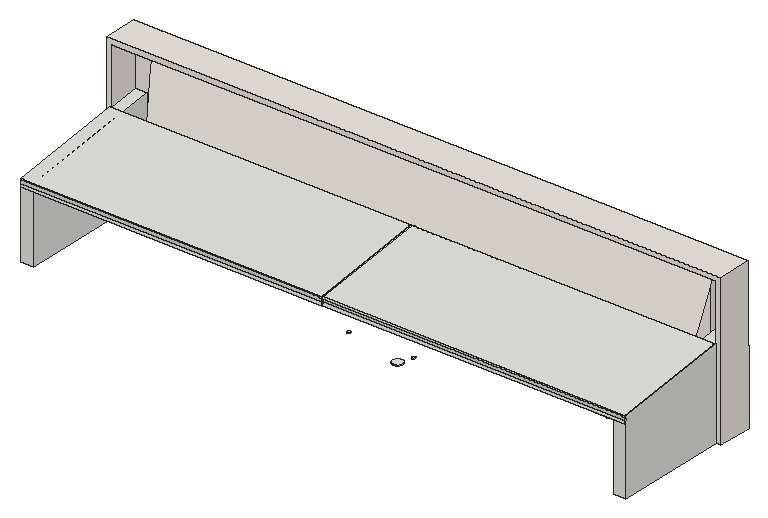
Revit family "Plumbing-Sink-Sloan-Valve-DSWD-83000", category Plumbing Fixtures, host Face, Revit 2019
Family settings
  Host = Face
  Round Connector Dimension = Use Diameter
  Part Type = Normal
  OmniClass Number = 23.45.05.14.14
  OmniClass Title = Sinks/Lavatories
  Cut with Voids When Loaded = No
  Shared = No
  Room Calculation Point = No
Parameters (values of type "DSWD-83000")
  Width = 90.00"  # constant formula
  Water Flow = 0.0 GPM
  Waste Connection = yes
  WFU = 2
  Vent Connection = no
  Valve Pressure Drop = 0.0 Pa
  URL = "www.sloanvalve.com"
  Sanitary Drain Connection Diameter = 1.50"
  Product data url = "https://bimobject.com/sloan_valve/product/sinks_designer-series_dswd-83000"
  Product Material = Sloan - Corian - Venaro White
  Product Guid = ""
  Part Number = ""
  Model = "DSWD-83000"
  Manufacturer = "Sloan Valve"  # constant formula
  Keynote = "10000"
  Hot Water Connection Diameter = 0.50"
  Height = 5.00"  # constant formula
  HWFU = 1.5
  HW Connection = yes
  z_Elevation [instance] = 21.00"  # constant formula
  Enclosure [instance] = yes
  Edition number = 1
  Description = "Designer Series™ 3-Station Wall-Mounted Weir Deck Sink."
  Depth = 22.00"  # constant formula
  Default Elevation = 0.00"  # constant formula
  Cold Water Connection Diameter = 0.50"
  CWFU = 1.5
  CW Connection = yes
  Assembly Code = "D2010400"
  ADA Compliant = 1 = 1  # yes
Reference planes (in)
  plane 1 "Center (Front/Back)": y = 0
  plane 2: z = 0
  plane 3 "Center (Left/Right)": x = 0
  plane 4: y = -13
  plane 5: y = -34
  plane 6: x = -45
  plane 7: x = 45
  plane 8: z = 22
  plane 9: z = 2.75
  plane 10: z = 3.125
  plane 11: x = -26
  plane 12: x = -20
  plane 13: x = -2.5
  plane 14: x = 3.5
  plane 15: x = 20
  plane 16: x = 26
Forms (in)
  Extrusion 1, solid, not visible
    sketch origin (0, 1, 0) x (1, 0, 0) y (0, 1, 0)
      loop
        circle (4, -14) r 0.75
      loop
        circle (4.75, -12) r 0.25
      loop
        circle (-4.75, -12) r 0.25
      loop
        line (29, -9) -> (31, -9) -> (31, -8) -> (29, -8) -> (29, -9)
    from 0 to 0.50971
Dimensions and locks (in)
  locked: plane 4 to plane 1 "Center (Front/Back)" at 13
  "z_Elevation": plane 4 to plane 5
  aligned and locked: plane 2 to host face
  aligned and locked: level to host face
  aligned and locked: plane 3 "Center (Left/Right)" to nested 1
  aligned and locked: plane 1 "Center (Front/Back)" to nested 1
Automatic sketch dimensions
  host sketch curve to host sketch curve = 131.57161"
  host sketch curve to host sketch curve = 96.00"
  Extrusion 1 sketch curve to plane 4 = 0.00"
  plane 4 to Extrusion 1 sketch curve = 2.00"  (x2)
  Extrusion 1 sketch curve to Extrusion 1 sketch curve = 9.50"
  Extrusion 1 sketch curve to plane 6 = 49.00"
  Extrusion 1 sketch curve to plane 3 "Center (Left/Right)" = 4.75"
  plane 16 to Extrusion 1 sketch curve = 3.00"
  Extrusion 1 sketch curve to Extrusion 1 sketch curve = 2.00"
  plane 4 to Extrusion 1 sketch curve = 5.00"
  Extrusion 1 sketch curve to Extrusion 1 sketch curve = 1.00"
  radius of Extrusion 1 sketch curve = 0.75"
  radius of Extrusion 1 sketch curve = 0.25"  (x2)
Nested families (in)
  nested 1: "Geometry" at (0, 0, 0), type "Geometry"
Connectors (in)
  piping at (4, -13, 0), diameter 1.5, driven by "WFU", driven by "Sanitary Drain Connection Diameter"
    settings: on Extrusion 1, index 2, connector inside diameter 24.00", connector length 0.00", flow factor 0, pipe flow 0.0 GPM, pressure drop 0.0 Pa, fitting loss kfactor 0, connector angle 0.00°, fixture units 2, engagement length 0.00", angle of deflection 0.00°, flow configuration 3, flow direction 2, fitting loss method 0, system type 16, joint type 0, gender type 0, connector reference index -1, connector utility 0, adjustable connector no, is connector primary yes, connector description "Sanitary Drain Connection"
  piping at (4.75, -11, 0), diameter 0.5, driven by "Cold Water Connection Diameter"
    settings: on Extrusion 1, index 3, connector inside diameter 24.00", connector length 0.00", flow factor 0, pipe flow 0.0 GPM, pressure drop 0.0 Pa, fitting loss kfactor 0, connector angle 0.00°, fixture units 1.5, engagement length 0.00", angle of deflection 0.00°, flow configuration 3, flow direction 1, fitting loss method 0, system type 20, joint type 0, gender type 0, connector reference index -1, connector utility 0, adjustable connector no, is connector primary no, connector description "Cold Water Connection"
  piping at (-4.75, -11, 0), diameter 0.5, driven by "Hot Water Connection Diameter"
    settings: on Extrusion 1, index 4, connector inside diameter 24.00", connector length 0.00", flow factor 0, pipe flow 0.0 GPM, pressure drop 0.0 Pa, fitting loss kfactor 0, connector angle 0.00°, fixture units 1.5, engagement length 0.00", angle of deflection 0.00°, flow configuration 3, flow direction 1, fitting loss method 0, system type 19, joint type 0, gender type 0, connector reference index -1, connector utility 0, adjustable connector no, is connector primary no, connector description "Hot Water Connection"
Definition of nested family "Geometry"
  Parameters (values of type "Geometry")
    URL = ""
    Product Material = none
    Price = ""
    Model = ""
    Manufacturer = ""
    Enclosure Material = none
    Enclosure = yes
    Description = ""
    Default Elevation = 34.00"
    Assembly Code = ""
  Reference planes (in)
    plane 1 "Center (Front/Back)": y = 0
    plane 2: z = 0
    plane 3 "Center (Left/Right)": x = 0
    plane 4: z = 22
    plane 5: z = 5
    plane 6: z = 7.5
    plane 7: x = 45
    plane 8: y = -5
    plane 9: y = -34
    plane 10: y = -13
    plane 11: x = -45
    plane 12: y = -4
    plane 13: x = -41
    plane 14: x = 41
    plane 15: x = 39.25
    plane 16: x = -39.25
    plane 17: y = -11
    plane 18: x = 22.5
    plane 19: x = -22.5
    plane 20: z = 2.75
    plane 21: z = 3.12891
  Forms (in)
    Extrusion 1, solid
      sketch origin (0, 0, 0) x (1, 0, 0) y (0, 1, 0)
        loop
          line (-48, 48) -> (-48, -48) -> (48, -48) -> (48, 48) -> (-48, 48)
      from 0 to -12
    Extrusion 2, solid, material <- "Product Material"
      sketch origin (-8.5, 0, 0) x (0, 1, 0) y (0, 0, 1)
        loop
          line (-5, 22) -> (-5, 21.25) -> (-0.98491, 21.25) -> (-4.57112, 8.25) -> (-5.75, 8.25) -> (-5.75, 4.25) -> (-0.75, 4.25) -> (-0.75, 0) -> (0, 0) -> (0, 5) -> (-5, 5) -> (-5, 7.5) -> (-4, 7.5) -> (0, 22) -> (-5, 22)
      from -32.5 to 49.5
    Sweep 3, solid, material <- "Product Material"
      path origin (30, 0, 0) x (1, 0, 0) y (0, 0, 1)
        loop
          line (15, 0) -> (15, 22) -> (11, 22)
      profile origin (45, 0, 22) x (0, 0, -1) y (0, -1, 0)
        loop
          line (0.75, 5) -> (0, 5) -> (0, 0) -> (0.75, 0) -> (0.75, 5)
    Extrusion 4, solid, material <- "Product Material"
      sketch origin (0, 0, 0) x (1, 0, 0) y (0, 0, 1)
        loop
          line (44.25, 22) -> (41, 22) -> (41, 0) -> (44.25, 0) -> (44.25, 22)
        loop
          line (-44.25, 22) -> (-44.25, 0) -> (-41, 0) -> (-41, 22) -> (-44.25, 22)
      from 0 to 0.75
    Sweep 5, solid, material <- "Product Material"
      path origin (-15, 0, 0) x (-1, 0, 0) y (0, 0, 1)
        loop
          line (30, 0) -> (30, 22) -> (26, 22)
      profile origin (-45, 0, 22) x (0, 0, 1) y (0, -1, 0)
        loop
          line (-0.75, 5) -> (-0.75, 0) -> (0, 0) -> (0, 5) -> (-0.75, 5)
    Extrusion 6, solid, material <- "Product Material"
      sketch origin (0, 0, 0) x (0, 1, 0) y (0, 0, 1)
        loop
          line (-4.5, 5.5625) -> (-4.5, 5.6875) -> (-5, 5.6875) -> (-5, 5.5625) -> (-4.5, 5.5625)
        loop
          line (-4.5, 6.1875) -> (-4.5, 6.3125) -> (-5, 6.3125) -> (-5, 6.1875) -> (-4.5, 6.1875)
        loop
          line (-4.5, 6.8125) -> (-4.5, 6.9375) -> (-5, 6.9375) -> (-5, 6.8125) -> (-4.5, 6.8125)
      from -39.25 to 39.25
    Extrusion 7, solid, material <- "Product Material"
      sketch origin (-32.5, 0, 0) x (1, 0, 0) y (0, 1, 0)
        loop
          line (-8.5, 0) -> (-8.5, -1.87117) -> (-7.13114, -5) -> (-6.75, -5) -> (-6.75, -4) -> (-8.5, 0)
      from 4.25 to 22
    Extrusion 8, solid, material <- "Product Material"
      sketch origin (32.5, 0, 0) x (-1, 0, 0) y (0, -1, 0)
        loop
          line (-8.5, 0) -> (-6.75, 4) -> (-6.75, 5) -> (-7.13114, 5) -> (-8.5, 1.87117) -> (-8.5, 0)
      from 4.25 to 22
    Extrusion 9, void
      sketch origin (0, 0, 0) x (0, 1, 0) y (0, 0, 1)
        loop
          line (-0.98491, 21.25) -> (-5, 21.25) -> (-5, 7.5) -> (-4.77801, 7.5) -> (-0.98491, 21.25)
      from -41 to 41
    Extrusion 10, void
      sketch origin (32.5, 0, 0) x (1, 0, 0) y (0, 1, 0)
        loop
          line (6.80301, -5.75) -> (8.5, -5.75) -> (8.5, -1.87117) -> (6.80301, -5.75)
      from 4.25 to 21.25
    Extrusion 11, void
      sketch origin (-32.5, 0, 0) x (-1, 0, 0) y (0, -1, 0)
        loop
          line (6.80301, 5.75) -> (8.5, 1.87117) -> (8.5, 5.75) -> (6.80301, 5.75)
      from 4.25 to 21.25
    Extrusion 12, solid, material <- "Product Material"
      sketch origin (0, 0, 0) x (1, 0, 0) y (0, 1, 0)
        loop
          circle (4, -13) r 0.75
        loop
          circle (-4.75, -11) r 0.25
        loop
          circle (4.75, -11) r 0.25
        loop
          line (29, -8) -> (31, -8) -> (31, -7) -> (29, -7) -> (29, -8)
      from -0.01536 to 0
  Cuts and joins
    Extrusion 10, Extrusion 11 cuts Extrusion 2
    Extrusion 9, Extrusion 11 cuts Sweep 3
    Extrusion 9 cuts Extrusion 4
    Extrusion 10, Extrusion 11 cuts Extrusion 6
    Extrusion 9 cuts Extrusion 7
    Extrusion 9, Extrusion 11 cuts Extrusion 8
    joined: Extrusion 2, Sweep 3, Extrusion 4, Sweep 5, Extrusion 6, Extrusion 7, Extrusion 8
  Lines and regions (in)
    Masking region 1
      outline origin (0, 0, 0) x (1, 0, 0) y (0, 0, 1)
        loop
          line (45, 22) -> (-45, 22) -> (-45, 0) -> (45, 0) -> (45, 22)
    symbolic lines, detail levels medium+fine
      curve 1: line (41, 0, 22) -> (41, 0, 5)
      curve 2: line (41, 0, 5) -> (-41, 0, 5)
      curve 3: line (-41, 0, 5) -> (-41, 0, 22)
      curve 4: line (41, 0, 22) -> (39.25, 0, 7.5)
      curve 5: line (39.25, 0, 7.5) -> (39.25, 0, 5)
      curve 6: line (-41, 0, 22) -> (-39.25, 0, 7.5)
      curve 7: line (-39.25, 0, 7.5) -> (-39.25, 0, 5)
      curve 8: line (39.25, 0, 7.5) -> (-39.25, 0, 7.5)
    symbolic lines, detail levels fine
      curve 9: line (39.25, 0, 6.87188) -> (-39.25, 0, 6.87188)
      curve 10: line (39.25, 0, 5.62812) -> (-39.25, 0, 5.62812)
      curve 11: line (39.25, 0, 6.25) -> (-39.25, 0, 6.25)
      curve 12: circle (20, 0, 3.12891) r 0.5 normal (0, -1, 0)
      curve 13: circle (26, 0, 2.75) r 0.625 normal (0, -1, 0)
      curve 14: circle (-2.5, 0, 3.12891) r 0.5 normal (0, -1, 0)
      curve 15: circle (3.5, 0, 2.75) r 0.625 normal (0, -1, 0)
      curve 16: circle (-20, 0, 3.12891) r 0.5 normal (0, 1, 0)
      curve 17: circle (-26, 0, 2.75) r 0.625 normal (0, 1, 0)
  Dimensions and locks (in)
    plane 9 to plane 10 = 21.00"
    plane 1 "Center (Front/Back)" to plane 9 = 34.00"
    plane 8 to plane 1 "Center (Front/Back)" = 5.00"
    plane 5 to Extrusion 1 = 5.00"
    Extrusion 1 to plane 4 = 22.00"
    plane 11 to plane 7 = 90.00"
    plane 8 to plane 12 = 1.00"
    plane 13 to plane 14 = 82.00"
    Extrusion 1 to plane 5 = 5.00"
    plane 16 to plane 15 = 78.50"
    plane 17 to plane 9 = 23.00"
    plane 3 "Center (Left/Right)" to Extrusion 12 sketch curve = 4.75"
    Extrusion 12 sketch curve to plane 3 "Center (Left/Right)" = 4.75"
    aligned and locked: plane 2 to Extrusion 1
    aligned and locked: level to Extrusion 1
    aligned and locked: plane 3 "Center (Left/Right)" to nested 1
    aligned and locked: plane 20 to curve 13
    aligned and locked: plane 21 to curve 12
  Nested families (in)
    nested 1: "DSWD Enclosure" at (0, 0.34528, 0), visible <- "Enclosure", type "Geometry"
  Definition of nested family "DSWD Enclosure"
    Parameters (values of type "Geometry")
      Width = 90.00" - 2 * 0.69141"  # 88.61719"
      URL = ""
      Type Comments = ""
      Product Material = none
      Model = ""
      Manufacturer = ""
      Installation Type = ""
      Enclosure Material = none
      Enclosure = yes
      Description = ""
      Default Elevation = 34.00"
      Assembly Code = ""
    Reference planes (in)
      plane 1 "Center (Front/Back)": y = 0
      plane 2: z = 0
      plane 3 "Center (Left/Right)": x = 0
      plane 4: y = -5
      plane 5: z = 22
      plane 6: y = -34
      plane 7: y = -13
      plane 8: y = -11
      plane 9: y = -22
      plane 10: x = -44.30859
      plane 11: x = 44.30859
    Forms (in)
      Extrusion 1, solid
        sketch origin (0, 0, 0) x (1, 0, 0) y (0, 1, 0)
          loop
            line (-67.14883, 48) -> (-67.14883, -48) -> (67.56872, -48) -> (67.56872, 48) -> (-67.14883, 48)
        from 0 to -12
      Extrusion 2, solid, material <- "Enclosure Material", visible <- "Enclosure"
        sketch origin (15.00391, 25.02578, 59.38794) x (0, 1, 0) y (0, 0, 1)
          loop
            line (-30.62246, -47.25332) -> (-30.74068, -46.38635) -> (-32.10307, -46.57213) -> (-31.98485, -47.43911) -> (-30.62246, -47.25332)
          loop
            line (-32.03833, -47.50948) -> (-30.55208, -47.30681) -> (-30.6872, -46.31598) -> (-32.17344, -46.51865) -> (-32.03833, -47.50948)
          loop
            line (-45.48491, -49.28) -> (-45.60313, -48.41303) -> (-46.96553, -48.59881) -> (-46.8473, -49.46578) -> (-45.48491, -49.28)
          loop
            line (-45.41454, -49.33349) -> (-45.54965, -48.34265) -> (-47.0359, -48.54532) -> (-46.90078, -49.53615) -> (-45.41454, -49.33349)
        from -59.0625 to 29.30469
      Extrusion 3, solid, material <- "Enclosure Material", visible <- "Enclosure"
        sketch origin (64.43359, 25.02656, 59.38608) x (0, 1, 0) y (0, 0, 1)
          loop
            arc (-30.71712, -46.22346) -> (-30.69443, -46.1936) -> (-30.72429, -46.1709) r 0.02652
            line (-30.72429, -46.1709) -> (-47.06827, -48.39963)
            arc (-47.06827, -48.39963) -> (-47.12442, -48.44125) -> (-47.14314, -48.50859) r 0.10755
            line (-47.14314, -48.50859) -> (-47.0696, -49.04788) -> (-47.14957, -49.517) -> (-47.10028, -49.5254) -> (-47.01903, -49.04872) -> (-47.0933, -48.504)
            arc (-47.0933, -48.504) -> (-47.08629, -48.47456) -> (-47.0653, -48.45275) r 0.05755
            line (-47.0653, -48.45275) -> (-30.71712, -46.22346)
        from -64.30656 to -20.125
      Extrusion 4, solid, material <- "Enclosure Material", visible <- "Enclosure"
        sketch origin (15.25391, 25.02656, 59.38608) x (0, 1, 0) y (0, 0, 1)
          loop
            arc (-30.71712, -46.22346) -> (-30.69443, -46.1936) -> (-30.72429, -46.1709) r 0.02652
            line (-30.72429, -46.1709) -> (-47.06827, -48.39963)
            arc (-47.06827, -48.39963) -> (-47.12442, -48.44125) -> (-47.14314, -48.50859) r 0.10755
            line (-47.14314, -48.50859) -> (-47.0696, -49.04788) -> (-47.14957, -49.517) -> (-47.10028, -49.5254) -> (-47.01903, -49.04872) -> (-47.0933, -48.504)
            arc (-47.0933, -48.504) -> (-47.08629, -48.47456) -> (-47.0653, -48.45275) r 0.05755
            line (-47.0653, -48.45275) -> (-30.71712, -46.22346)
        from -59.5 to -15.38346
      Extrusion 5, solid, material <- "Enclosure Material", visible <- "Enclosure"
        sketch origin (0, 0, 0) x (0, 1, 0) y (0, 0, 1)
          loop
            line (-1.09528, 13.69462) -> (-21.875, 10.86102) -> (-21.875, 0) -> (-1.09528, 0) -> (-1.09528, 13.69462)
        from 42.49609 to 44.30859
      Extrusion 6, solid, material <- "Enclosure Material", visible <- "Enclosure"
        sketch origin (0, 0, 0) x (0, 1, 0) y (0, 0, -1)
          loop
            line (-1.09528, -13.69462) -> (-1.09528, 0) -> (-21.875, 0) -> (-21.875, -10.86102) -> (-1.09528, -13.69462)
        from 42.49609 to 44.30859
    Cuts and joins
      joined: Extrusion 2, Extrusion 3, Extrusion 4, Extrusion 5, Extrusion 6
    Dimensions and locks (in)
      locked: Extrusion 1 to plane 5 at 22
      locked: plane 4 to plane 1 "Center (Front/Back)" at 5
      plane 6 to plane 8 = 23.00"
      plane 6 to plane 7 = 21.00"
      "Default Elevation": plane 6 to plane 1 "Center (Front/Back)"
      plane 1 "Center (Front/Back)" to plane 6 = 34.00"
      equal spacing: plane 10, plane 3 "Center (Left/Right)", plane 11
      "Width": plane 10 to plane 11
      aligned and locked: Extrusion 1 to plane 2
      aligned and locked: Extrusion 1 to level
    Automatic sketch dimensions
      Extrusion 1 sketch curve to Extrusion 1 sketch curve = 134.71755"
      Extrusion 1 sketch curve to Extrusion 1 sketch curve = 96.00"
      plane 9 to Extrusion 2 sketch curve = 0.01011"
      Extrusion 2 sketch curve to plane 9 = 0.06026"
      Extrusion 2 sketch curve to plane 9 = 0.125"
      Extrusion 2 sketch curve to Extrusion 2 sketch curve = 0.05348"  (x6)
      Extrusion 2 sketch curve to Extrusion 2 sketch curve = 1.36239"
      plane 4 to Extrusion 2 sketch curve = 2.14766"
      Extrusion 2 sketch curve to Extrusion 2 sketch curve = 0.07037"  (x3)
      Extrusion 2 sketch curve to Extrusion 2 sketch curve = 0.06474"
      plane 4 to Extrusion 2 sketch curve = 0.7149"
      level to Extrusion 2 sketch curve = 9.85179"
      Extrusion 2 sketch curve to Extrusion 2 sketch curve = 0.1323"  (x2)
      level to Extrusion 2 sketch curve = 11.87847"
      Extrusion 3 sketch curve to Extrusion 3 sketch curve = 0.00"  (x2)
      Extrusion 3 sketch curve to plane 9 = 0.12301"
      Extrusion 3 sketch curve to plane 9 = 0.11658"
      Extrusion 3 sketch curve to Extrusion 3 sketch curve = 0.04929"
      Extrusion 3 sketch curve to Extrusion 3 sketch curve = 0.04984"
      Extrusion 3 sketch curve to plane 9 = 0.04304"
      Extrusion 3 sketch curve to plane 9 = 0.04171"
      Extrusion 3 sketch curve to plane 9 = 0.03874"
      Extrusion 3 sketch curve to plane 9 = 0.00923"
      plane 9 to Extrusion 3 sketch curve = 0.00753"
      Extrusion 3 sketch curve to plane 4 = 0.69773"
      Extrusion 3 sketch curve to Extrusion 3 sketch curve = 0.00358"  (x2)
      Extrusion 3 sketch curve to plane 5 = 8.78482"
      Extrusion 3 sketch curve to Extrusion 3 sketch curve = 0.02628"
      Extrusion 3 sketch curve to level = 10.98645"
      Extrusion 3 sketch curve to Extrusion 3 sketch curve = 0.05312"
      Extrusion 3 sketch curve to Extrusion 3 sketch curve = 0.0494"
      Extrusion 3 sketch curve to Extrusion 3 sketch curve = 0.53929"
      Extrusion 3 sketch curve to Extrusion 3 sketch curve = 0.00084"
      Extrusion 4 sketch curve to Extrusion 4 sketch curve = 0.00"  (x2)
      Extrusion 4 sketch curve to plane 9 = 0.12301"
      Extrusion 4 sketch curve to plane 9 = 0.11658"
      Extrusion 4 sketch curve to Extrusion 4 sketch curve = 0.04929"
      Extrusion 4 sketch curve to Extrusion 4 sketch curve = 0.04984"
      Extrusion 4 sketch curve to plane 9 = 0.04304"
      Extrusion 4 sketch curve to plane 9 = 0.04171"
      Extrusion 4 sketch curve to plane 9 = 0.03874"
      Extrusion 4 sketch curve to plane 9 = 0.00923"
      plane 9 to Extrusion 4 sketch curve = 0.00753"
      Extrusion 4 sketch curve to plane 4 = 0.69773"
      Extrusion 4 sketch curve to Extrusion 4 sketch curve = 0.00358"  (x2)
      Extrusion 4 sketch curve to plane 5 = 8.78482"
      Extrusion 4 sketch curve to Extrusion 4 sketch curve = 0.02628"
      Extrusion 4 sketch curve to level = 10.98645"
      Extrusion 4 sketch curve to Extrusion 4 sketch curve = 0.05312"
      Extrusion 4 sketch curve to Extrusion 4 sketch curve = 0.0494"
      Extrusion 4 sketch curve to Extrusion 4 sketch curve = 0.53929"
      Extrusion 4 sketch curve to Extrusion 4 sketch curve = 0.00084"
      Extrusion 5 sketch curve to level = 0.00"
      Extrusion 5 sketch curve to plane 9 = 0.125"
      plane 1 "Center (Front/Back)" to Extrusion 5 sketch curve = 1.09528"
      Extrusion 5 sketch curve to Extrusion 5 sketch curve = 10.86102"
      plane 5 to Extrusion 5 sketch curve = 8.30538"
      Extrusion 6 sketch curve to level = 0.00"
      Extrusion 6 sketch curve to plane 9 = 0.125"
      plane 1 "Center (Front/Back)" to Extrusion 6 sketch curve = 1.09528"
      Extrusion 6 sketch curve to Extrusion 6 sketch curve = 10.86102"
      plane 5 to Extrusion 6 sketch curve = 8.30538"
